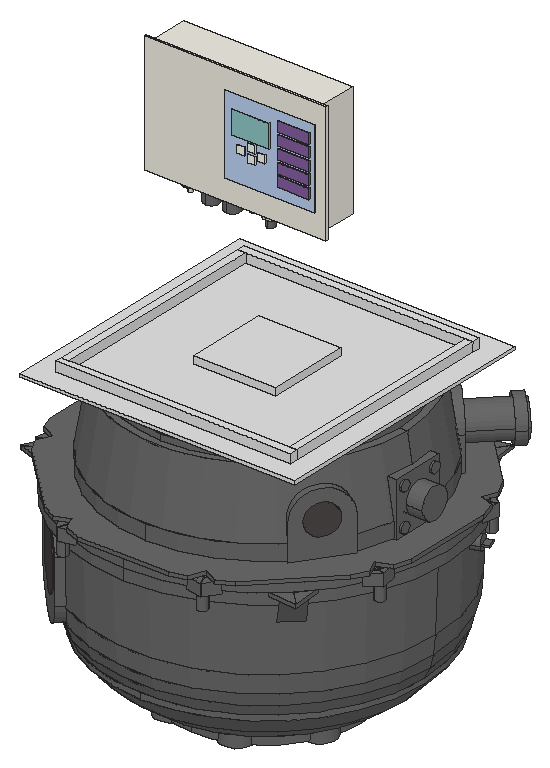
Revit family "280530xc (200)", category Generic Models, Revit 2021
Family settings
  Can host rebar = No
  Round Connector Dimension = Use Diameter
  Part Type = Normal
  Work Plane-Based = No
  Always vertical = Yes
  Cut with Voids When Loaded = No
  Shared = Yes
  Room Calculation Point = No
Parameters (values of type "280530XC")
  SUPPLIER = "KESSEL"
  SA700ID50 = "internal"
  SA700ID49 = "Protection Class I"
  SA700ID48 = "no"
  SA700ID47 = "no"
  SA700ID46 = "yes"
  SA700ID37 = 8000 mm
  SA700ID34 = 12
  SA700ID33 = 0.5 W
  SA700ID32 = 19.28 kg
  SA700ID31 = 1
  SA700ID30 = 2
  SA700ID29 = "RWDR"
  SA700ID21 = 800
  SA700ID10 = "No"
  SA700ID08 = 230 V
  PROCUREWEBLINK = "https://p.caden.as/kessel/280530XC"
  PROCURELINK = "p.caden.as/kessel/280530XC"
  PROCUREDATALASTUPDATE = "2024-05-22T12:17:25.481305057+01:00"
  PRC_SPECIFICATIONLINK = "https://ausschreiben.de/catalog/kessel/catalogItem/55954c45-e341-4e92-aec7-7e5278161d59"
  NN = "Lifting station Aqualift S compact"
  NBSYN = "$SA810ID03. ($LODLEVEL.)"
  NB = "280530XC (200)"
  Model = "280530XC"
  Manufacturer = "KESSEL"
  MIdent = "{$CADENAS_DATA/23d-libs/kessel/kessel_vdi_import/4/entwaesserung/hebeanlage20aqualift20s20compact.prj},217 {STYP=ASS},{VTYP=3D},{NB=280530XC (200)},{LINA=280530XC},{NN=Lifting station Aqualift S compact},{DATE=21.11.2022 10:40:35},{GEOMDATE=21.11.2022 10:40:35},{VERSION=},{LINEID=90},{WBVAR=LODLEVEL},{WBNUMERIC=LODLEVEL}  {NB=280530XC (200)},{LINA=280530XC},{KT=DUMMY},{PREVIEW=../../bilder/ksb_w_280530xc.png},{SA700ID04=Hebeanlage Aqualift S Compact, Duo, GTF 500, resistant, Bodenpl., befl.},{SA810ID06=04026092082713},{SA700ID34=12.00},{SA010ID03=201805},{SA810ID03=280530XC},{SA810ID10=Die steckerfertige Hebeanlage für fäkalienfreies Abwasser ist mit einer überflutbaren Pumpe sowie einem Rückflussverhinderer ausgestattet. Der Sammelbehälter aus dauerhaft beständigem Kunststoff (PE) besitzt einen offenen Pumpenraum. Einhandverschlüsse ermöglichen die einfache Entnahme der integrierten Komponenten. Die Anlage zum Einbau in die Bodenplatte ist vormontiert zur bauseitigen Endmontage.Die Steuerung erfolgt durch ein anwenderfreundliches Schaltgerät, das optional über einen potentialfreien Kontakt in die Gebäudeleittechnik eingebunden werden oder Alarm- und Sammelstörmeldungen über eine GSM-Schnittstelle ausgeben kann.- mit teleskopischem Aufsatzstück für stufenlosen Höhen- und Niveauausgleich und integriertem Bodenablauf- Sammelbehälter aus PE, beständig gegen aggressive Abwässer und 3 m Grundwasser- inklusive Rückflussverhinderer für die Druckleitung- inklusive Stutzen für Zulauf und Kabelleerrohr- Pumpe mit Freistromrad für höchste BetriebssicherheitAusführung:Anlagenart: DoppelanlagePumpensteuerung: SchaltgerätRückflussverhinderer: integriertResistant: beständig gegen salzhaltige Medien, Abwasser aus Enthärtungsanlagen sowie kondensathaltiges Abwasser aus HeizungsanlagenAuslieferungszustand: installationsfertig (Verbindungsteile sind bauseits anzuschließen)Einbausituation: Einbau in die BodenplatteAbwasserart: fäkalienfreiAllgemeine Merkmale:Farbe: schwarzNorm: EN 12050-2Abmessungen:Länge: 617 mmBreite: 585 mmBehälter/Grundkörper:Zulauf Nennweite (DN): 100 mmDruckabgang (DN): 32 mmDruckabgang (DA): 40 mmEinbautiefe: 490 - 620 mmNutzvolumen: 20 lArt der Höhenverstellbarkeit: teleskopisches AufsatzstückAbdeckungsmerkmale:Abdeckungsart: befliesbare AbdeckplatteAbdeckung Material: KunststoffAbdeckung Farbe: silbergrauAblauffunktion: jaBodenbelaghöhe max.: 16 mmBelastungsklasse: K 3 (EN 1253-1)Länge: 366 mmBreite: 366 mmVerriegelung: Lock & LiftFreier Kugeldurchgang: 10 mmFördereinrichtung:Pumpe: GTF 500Anzahl Pumpen: 2Förderleistung max.: 10 m3/hFörderhöhe max.: 8 mBetriebsspannung: 230 VNetzfrequenz: 50 HzBetriebsart: S1Leistung P1: 0,6 kWLeistung P2: 0,36 kWDrehzahl: 2.800 U/minErforderliche Absicherung (Leitungsschutz): C 16 AFörderguttemperatur (dauerhaft) max.: 40 °CAnschlusstyp: codierter SteckerLaufrad Typ: FreistromradLänge Netzanschlussleitung Pumpe: 5 mNennstrom: 2,7 ASchutzart Pumpe: IP 68 (3m)Typ Anschlussleitung Pumpe: H07RN-F 3G 1,0 mm2Temperaturüberwachung: integriertSteuerung:Schaltgerät: ComfortBetriebsspannung: 230 VNetzfrequenz: 50 HzSelbstdiagnosesystem (SDS): jaBatteriepufferung: jaMehrzeilige Displayanzeige: jaLogbuchfunktion: jaUSB-Schnittstelle: jaGSM-Schnittstelle: jaPotentialfreier Kontakt: optionalSchutzart Schaltgerät: IP 54Anschlusstyp: codierter SteckerLänge Netzanschlussleitung Schaltgerät: 1,4 mArt Niveauerfassung: pneumatischInstrument Niveauerfassung: TauchrohrAlarmgeber: optische Sonde},{SA700ID37=8.00},{SA700ID33=0.50},{SA700ID08=230},{SA700ID30=2},{SA700ID32=19.28},{SA700ID49=Schutzklasse I},{SA700ID50=intern},{SA200ID03=6},{SA250ID03=vertikal},{SA260ID03=Trockenläuferpumpe},{SA350ID03=normalansaugend},{SA400ID03=E-Motor für Wechselstrom},{SA460ID03=direkt},{SA500ID03=Kunststoff, Edelstahl},{SA700ID06=32},{SA700ID07=100},{SA700ID09=1/N/PE 230V },{SA700ID10=Nein},{SA700ID11=50},{SA700ID12=IP 68},{SA700ID13=F},{SA700ID15=35},{SA700ID21=800.00},{SA700ID22=0.36},{SA700ID23=2800},{SA700ID24=2800},{SA700ID26=2.50},{SA700ID27=6.90},{SA700ID28=durchgehend},{SA700ID29=RWDR},{SA700ID31=1},{SA700ID46=ja},{SA700ID47=nein},{SA700ID48=nein},{SA110ID04=Hebeanlage Aqualift S Compact},{SA300ID03=einstufig},{SA700ID44=10.00},{SA700ID45=10.00},{SA010ID04=KESSEL AG},{LODLEVEL=200},{LINK=https://www.kessel.de/info?han=280530XC},{SA970ID01=970},{SA970ID02=14034},{SA970ID03=280530XC},{SA970ID04=11002617},{SA970ID05=QUAD},{SA970ID06=-326},{SA970ID07=-291.04},{SA970ID08=0},{SA970ID09=1},{SA970ID10=0},{SA970ID11=0},{SA970ID12=0},{SA970ID13=1},{SA970ID14=0},{SA970ID15=617.04},{SA970ID16=582.09},{SA970ID17=488.5},{LODLEVEL_=200,'Low'},{LODLEVEL_DEU=200,'Low'},{LINK_=https://www.kessel.de/info?han=280530XC},{LINK_DEU=https://www.kessel.de/info?han=280530XC},{LODLEVEL_3DB=280530XC_200},{DNIN1=100},{DNIN2=125},{DNIN3=100},{DNIN4=100},{DNOUT1=70},{DNOUT2=32},{ISD1=60},{ISD2=10},{ISD3=10},{SA010ID01=010},{SA010ID02=4},{SA010ID06=www.kessel.de},{SA010ID07=www.kessel.de},{SA010ID12=20180713},{SA010ID13=DEU},{SA010ID14=DE},{SA100ID01=100},{SA100ID02=4},{SA100ID04=Entwässerung},{SA110ID01=110},{SA110ID02=30},{SA200ID01=200},{SA200ID02=6},{SA250ID01=250},{SA250ID02=2},{SA260ID01=260},{SA260ID02=2},{SA300ID01=300},{SA300ID02=1},{SA350ID01=350},{SA350ID02=1},{SA400ID01=400},{SA400ID02=1},{SA460ID01=460},{SA460ID02=1},{SA500ID01=500},{SA500ID02=1},{SA700ID01=700},{SA700ID02=193},{SA700ID10_=0},{SA700ID16=0},{SA700ID25=0},{SA700ID46_=1},{SA700ID47_=0},{SA700ID48_=0},{SA700ID49_=1},{SA700ID50_=2},{SA800ID01=800},{SA800ID02=8},{SA810ID01=810},{SA810ID02=193},{SA810ID04=280530XC},{SA810ID07=193},{SA810ID09=1},{SA810ID14=PCE},{SA810ID15=1},{SA810ID16=NMP},{SA960ID03=193},{SA960ID04=3L},{SA960ID08=https://www.kessel.de/info?han=280530XC},{SA010ID08=4026092000007},{SA100ID05=Hebeanlage},{SA110ID06=Hebeanlage}"
  LINK = "https://www.kessel.de/info?han=280530XC"
  LINA = "280530XC"
  Default Elevation = 0 mm
  CREATOR = "CADENAS GmbH"
  CATALOG = "KESSEL"
  BOMINFO = "LINA"
  ARTICLENO = "NB"
  4.810.00.9 Order quantity (multiplicator) = "1"
  4.810.00.7 Media- connection number = "193"
  4.810.00.6 GTIN number = "04026092082713"
  4.810.00.4 DATANORM number = "280530XC"
  4.810.00.3 Producer order number = "280530XC"
  4.710.03.7 Mass (net) = 19.28 kg
  4.710.03.6 Height = 490 mm
  4.710.03.5 Width = 580 mm
  4.710.03.4 Length = 620 mm
  4.710.03.3 Type of dimensions = "2"
  4.710.02.8 Area of application of wastewater pump = "2"
  4.710.02.6 Duty type = "S1"
  4.710.02.5 Cutting device = "0"
  4.710.02.4 Attached pump control = "1"
  4.710.02.3 Free passage = 10 mm
  4.710.01.6 Option to connect to building automation = "10"
  4.710.01.5 Load regulation = "0"
  4.710.01.4 Designation of closed-loop control = "20"
  4.700.00.9 Voltage = 0
  4.700.00.8 Nominal connection size on suction side = "100"
  4.700.00.7 Nominal connection size on pressure side = "100"
  4.700.00.6 Type of connection = "32"
  4.700.00.4 Product indentification = "Hebeanlage Aqualift S Compact, Duo, GTF 500, resistant, Bodenpl., befl."
  4.700.00.28 Motor pump shaft = "durchgehend"
  4.700.00.27 Starting current = 6.9
  4.700.00.26 Maximum power consumption per pump / drive = 2.5
  4.700.00.25 Minimum speed at internal speed adjustment = 0
  4.700.00.24 Nominal speed / maximum speed n = 46.6667
  4.700.00.23 Nominal speed of motor = 46.6667
  4.700.00.22 Maximum shaft output (P2) per pump/drive = 0.36 W
  4.700.00.16 Maximum temperature of pumped medium = 0 °C
  4.700.00.15 Increased safety class = "35 °C"
  4.700.00.13 Type of protection = "F"
  4.700.00.12 Frequency = 0
  4.700.00.11 Stern-/Dreieck-Anlaufschaltung bei Dreiphasenanschluss oder Drehstrom = "50 Hz"
  4.700.00.10 Phase = "0"
  4.500.00.3 Variant / Variant type / Accessories-name = "Kunststoff, Edelstahl"
  4.460.00.3 Variant / Variant type / Accessories-name = "direkt"
  4.400.00.3 Variant / Variant type / Accessories-name = "E-Motor für Wechselstrom"
  4.350.00.3 Variant / Variant type / Accessories-name = "normalansaugend"
  4.300.00.3 Variant / Variant type / Accessories-name = "einstufig"
  4.260.00.3 Variant / Variant type / Accessories-name = "Trockenläuferpumpe"
  4.250.00.3 Variant / Variant type / Accessories-name = "vertikal"
  4.200.00.3 Variant / Variant type / Accessories-name = "6"
  4.110.00.6 Product classification = "Hebeanlage"
  4.110.00.4 Product indentification = "Hebeanlage Aqualift S Compact"
  4.100.00.5 Main groups of wares = "Hebeanlage"
  4.100.00.4 Product indentification = "Entwässerung"
  4.010.00.8 Producer ID number = "4026092000007"
  4.010.00.7 Comment = "www.kessel.de"
  4.010.00.6 Web address of the manufacturer = "www.kessel.de"
  4.010.00.4 Manufacturer name = "KESSEL AG"
  4.010.00.3 Date of issuance (month) of guideline = "201805"
  4.010.00.2 Sheet number of the guideline = "4"
  4.010.00.14 Kennungen der Projektländer, für die die Datei gültig ist = "DE"
  4.010.00.13 Sprache der Datei = "DEU"
  4.010.00.12 Stand des Herstellerkatalogs = "20180713"
Reference planes
  plane 1 "Center (Front/Back)": y = 0
  plane 2: z = 0
  plane 3 "Center (Left/Right)": x = 0
Forms (mm)
  Extrusion 1, void
    sketch origin (-197.283, 197.283, 209) x (-0.707107, -0.707107, 0) y (0, 0, -1)
      loop
        line (-0.5, -0.5) -> (0.5, -0.5) -> (0.5, 0.5) -> (-0.5, 0.5) -> (-0.5, -0.5)
    from 0 to 1
  Extrusion 2, void
    sketch origin (-197.283, -197.283, 209) x (0.707107, -0.707107, 0) y (0, 0, -1)
      loop
        line (-0.5, -0.5) -> (0.5, -0.5) -> (0.5, 0.5) -> (-0.5, 0.5) -> (-0.5, -0.5)
    from 0 to 1
  Extrusion 3, void
    sketch origin (-247, 0, 370) x (0, -1, 0) y (0, 0, -1)
      loop
        line (-0.5, -0.5) -> (0.5, -0.5) -> (0.5, 0.5) -> (-0.5, 0.5) -> (-0.5, -0.5)
    from 0 to 1
Dimensions and locks
  locked: plane 2 to Extrusion 1 at 208.5
  locked: plane 2 to Extrusion 1 at 209.5
  locked: plane 2 to Extrusion 2 at 208.5
  locked: plane 2 to Extrusion 2 at 209.5
  locked: plane 2 to Extrusion 3 at 369.5
  locked: plane 2 to Extrusion 3 at 370.5
  aligned and locked: level to plane 2
Nested families
  nested 1: "280530xc (200)_content" at (0, 0, 0), type "280530XC (200)_Content"
  nested 2: "280530xc (200)_part1_X0Y0" at (-194, 244.5, 558), type "280530XC_PART1_X0Y0"
  nested 3: "280530xc (200)_part2_X0Y0" at (0, 0, 0), type "280530XC_PART2_X0Y0"
Connectors
  piping at (-112, 217, 557.2), diameter 10
    settings: on nested 2, index 1, connector inside diameter 609.6 mm, connector length 0 mm, flow factor 0, pipe flow 0.0 L/s, pressure drop 0.0 Pa, fitting loss kfactor 0, connector angle 0.00°, fixture units 0, engagement length 0 mm, angle of deflection 0.00°, flow configuration 0, flow direction 2, fitting loss method 2, system type 29, joint type 0, gender type 0, connector reference index -1, connector utility 0, adjustable connector no, is connector primary yes, connector description ""
  electrical at (-298, 217, 518.5)
    settings: on nested 2, index 2, voltage 0 V, apparent load 0 VA, apparent load phase1 0 VA, apparent load phase2 0 VA, apparent load phase3 0 VA, power factor 1, load classification "Other", number of poles 1, system type 31, power factor state 1, is connector primary yes, connector utility no, sub classification motor no, connector description ""
  electrical at (-264, 217, 515.9)
    settings: on nested 2, index 3, voltage 0 V, apparent load 0 VA, apparent load phase1 0 VA, apparent load phase2 0 VA, apparent load phase3 0 VA, power factor 1, load classification "Other", number of poles 1, system type 31, power factor state 1, is connector primary no, connector utility no, sub classification motor no, connector description ""
  electrical at (-230, 217, 515.9)
    settings: on nested 2, index 4, voltage 0 V, apparent load 0 VA, apparent load phase1 0 VA, apparent load phase2 0 VA, apparent load phase3 0 VA, power factor 1, load classification "Other", number of poles 1, system type 31, power factor state 1, is connector primary no, connector utility no, sub classification motor no, connector description ""
  electrical at (-192, 217, 528.2)
    settings: on nested 2, index 5, voltage 0 V, apparent load 0 VA, apparent load phase1 0 VA, apparent load phase2 0 VA, apparent load phase3 0 VA, power factor 1, load classification "Other", number of poles 1, system type 31, power factor state 1, is connector primary no, connector utility no, sub classification motor no, connector description ""
  electrical at (-168, 217, 513.45)
    settings: on nested 2, index 6, voltage 0 V, apparent load 0 VA, apparent load phase1 0 VA, apparent load phase2 0 VA, apparent load phase3 0 VA, power factor 1, load classification "Other", number of poles 1, system type 31, power factor state 1, is connector primary no, connector utility no, sub classification motor no, connector description ""
  electrical at (-140, 217, 557.2)
    settings: on nested 2, index 7, voltage 0 V, apparent load 0 VA, apparent load phase1 0 VA, apparent load phase2 0 VA, apparent load phase3 0 VA, power factor 1, load classification "Other", number of poles 1, system type 31, power factor state 1, is connector primary no, connector utility no, sub classification motor no, connector description ""
  piping at (-326, 0, 209), diameter 125
    settings: on nested 3, index 8, connector inside diameter 609.6 mm, connector length 0 mm, flow factor 0, pipe flow 0.0 L/s, pressure drop 0.0 Pa, fitting loss kfactor 0, connector angle 0.00°, fixture units 0, engagement length 0 mm, angle of deflection 0.00°, flow configuration 0, flow direction 1, fitting loss method 2, system type 29, joint type 0, gender type 0, connector reference index -1, connector utility 0, adjustable connector no, is connector primary no, connector description ""
  piping at (-197.283, 197.283, 209), diameter 100
    settings: on Extrusion 1, index 9, connector inside diameter 609.6 mm, connector length 0 mm, flow factor 0, pipe flow 0.0 L/s, pressure drop 0.0 Pa, fitting loss kfactor 0, connector angle 0.00°, fixture units 0, engagement length 0 mm, angle of deflection 0.00°, flow configuration 0, flow direction 0, fitting loss method 2, system type 29, joint type 0, gender type 0, connector reference index -1, connector utility 0, adjustable connector no, is connector primary no, connector description ""
  piping at (-197.283, -197.283, 209), diameter 100
    settings: on Extrusion 2, index 10, connector inside diameter 609.6 mm, connector length 0 mm, flow factor 0, pipe flow 0.0 L/s, pressure drop 0.0 Pa, fitting loss kfactor 0, connector angle 0.00°, fixture units 0, engagement length 0 mm, angle of deflection 0.00°, flow configuration 0, flow direction 0, fitting loss method 2, system type 29, joint type 0, gender type 0, connector reference index -1, connector utility 0, adjustable connector no, is connector primary no, connector description ""
  piping at (-247, 0, 370), diameter 70
    settings: on Extrusion 3, index 11, connector inside diameter 609.6 mm, connector length 0 mm, flow factor 0, pipe flow 0.0 L/s, pressure drop 0.0 Pa, fitting loss kfactor 0, connector angle 0.00°, fixture units 0, engagement length 0 mm, angle of deflection 0.00°, flow configuration 0, flow direction 0, fitting loss method 2, system type 29, joint type 0, gender type 0, connector reference index -1, connector utility 0, adjustable connector no, is connector primary no, connector description ""
  piping at (272.5, -3, 363.25), diameter 32
    settings: on nested 3, index 12, connector inside diameter 609.6 mm, connector length 0 mm, flow factor 0, pipe flow 0.0 L/s, pressure drop 0.0 Pa, fitting loss kfactor 0, connector angle 0.00°, fixture units 0, engagement length 0 mm, angle of deflection 0.00°, flow configuration 0, flow direction 2, fitting loss method 2, system type 29, joint type 0, gender type 0, connector reference index -1, connector utility 0, adjustable connector no, is connector primary no, connector description ""
  electrical at (241.378, 227.236, 376)
    settings: on nested 3, index 13, voltage 0 V, apparent load 0 VA, apparent load phase1 0 VA, apparent load phase2 0 VA, apparent load phase3 0 VA, power factor 1, load classification "Other", number of poles 1, system type 31, power factor state 1, is connector primary no, connector utility no, sub classification motor no, connector description ""
  electrical at (241.378, 227.236, 364)
    settings: on nested 3, index 14, voltage 0 V, apparent load 0 VA, apparent load phase1 0 VA, apparent load phase2 0 VA, apparent load phase3 0 VA, power factor 1, load classification "Other", number of poles 1, system type 31, power factor state 1, is connector primary no, connector utility no, sub classification motor no, connector description ""
  electrical at (227.236, 241.378, 376)
    settings: on nested 3, index 15, voltage 0 V, apparent load 0 VA, apparent load phase1 0 VA, apparent load phase2 0 VA, apparent load phase3 0 VA, power factor 1, load classification "Other", number of poles 1, system type 31, power factor state 1, is connector primary no, connector utility no, sub classification motor no, connector description ""
  electrical at (227.236, 241.378, 364)
    settings: on nested 3, index 16, voltage 0 V, apparent load 0 VA, apparent load phase1 0 VA, apparent load phase2 0 VA, apparent load phase3 0 VA, power factor 1, load classification "Other", number of poles 1, system type 31, power factor state 1, is connector primary no, connector utility no, sub classification motor no, connector description ""
Definition of nested family "280530xc (200)_part1_X0Y0"
  Parameters (values of type "280530XC_PART1_X0Y0")
    SUPPLIER = "KESSEL"
    SA700ID50 = "internal"
    SA700ID49 = "Protection Class I"
    SA700ID48 = "no"
    SA700ID47 = "no"
    SA700ID46 = "yes"
    SA700ID37 = 8000 mm
    SA700ID34 = 12
    SA700ID33 = 0.5 W
    SA700ID32 = 19.28 kg
    SA700ID31 = 1
    SA700ID30 = 2
    SA700ID29 = "RWDR"
    SA700ID21 = 800
    SA700ID10 = "No"
    SA700ID08 = 230 V
    NBSYN = "$SA810ID03. ($LODLEVEL.)_PART1"
    NB = "280530XC (200)_PART1"
    Model = "280530XC_PART1"
    Manufacturer = "KESSEL"
    MIdent = "{$CADENAS_DATA/23d-libs/kessel/kessel_vdi_import/4/entwaesserung/hebeanlage20aqualift20s20compact.prj},237 {VTYP=3D},{NB=280530XC (200)_PART1},{LINA=280530XC_PART1},{NN=Lifting station Aqualift S compact_PART1},{NOPRJ=TRUE},{DATE=21.11.2022 10:40:35},{GEOMDATE=21.11.2022 10:40:35},{VERSION=},{LINEID=90},{WBVAR=LODLEVEL},{WBNUMERIC=LODLEVEL}  {NB=280530XC (200)_PART1},{LINA=280530XC_PART1},{KT=DUMMY},{PREVIEW=../../bilder/ksb_w_280530xc.png},{SA700ID04=Hebeanlage Aqualift S Compact, Duo, GTF 500, resistant, Bodenpl., befl.},{SA810ID06=04026092082713},{SA700ID34=12.00},{SA010ID03=201805},{SA810ID03=280530XC},{SA810ID10=Die steckerfertige Hebeanlage für fäkalienfreies Abwasser ist mit einer überflutbaren Pumpe sowie einem Rückflussverhinderer ausgestattet. Der Sammelbehälter aus dauerhaft beständigem Kunststoff (PE) besitzt einen offenen Pumpenraum. Einhandverschlüsse ermöglichen die einfache Entnahme der integrierten Komponenten. Die Anlage zum Einbau in die Bodenplatte ist vormontiert zur bauseitigen Endmontage.Die Steuerung erfolgt durch ein anwenderfreundliches Schaltgerät, das optional über einen potentialfreien Kontakt in die Gebäudeleittechnik eingebunden werden oder Alarm- und Sammelstörmeldungen über eine GSM-Schnittstelle ausgeben kann.- mit teleskopischem Aufsatzstück für stufenlosen Höhen- und Niveauausgleich und integriertem Bodenablauf- Sammelbehälter aus PE, beständig gegen aggressive Abwässer und 3 m Grundwasser- inklusive Rückflussverhinderer für die Druckleitung- inklusive Stutzen für Zulauf und Kabelleerrohr- Pumpe mit Freistromrad für höchste BetriebssicherheitAusführung:Anlagenart: DoppelanlagePumpensteuerung: SchaltgerätRückflussverhinderer: integriertResistant: beständig gegen salzhaltige Medien, Abwasser aus Enthärtungsanlagen sowie kondensathaltiges Abwasser aus HeizungsanlagenAuslieferungszustand: installationsfertig (Verbindungsteile sind bauseits anzuschließen)Einbausituation: Einbau in die BodenplatteAbwasserart: fäkalienfreiAllgemeine Merkmale:Farbe: schwarzNorm: EN 12050-2Abmessungen:Länge: 617 mmBreite: 585 mmBehälter/Grundkörper:Zulauf Nennweite (DN): 100 mmDruckabgang (DN): 32 mmDruckabgang (DA): 40 mmEinbautiefe: 490 - 620 mmNutzvolumen: 20 lArt der Höhenverstellbarkeit: teleskopisches AufsatzstückAbdeckungsmerkmale:Abdeckungsart: befliesbare AbdeckplatteAbdeckung Material: KunststoffAbdeckung Farbe: silbergrauAblauffunktion: jaBodenbelaghöhe max.: 16 mmBelastungsklasse: K 3 (EN 1253-1)Länge: 366 mmBreite: 366 mmVerriegelung: Lock & LiftFreier Kugeldurchgang: 10 mmFördereinrichtung:Pumpe: GTF 500Anzahl Pumpen: 2Förderleistung max.: 10 m3/hFörderhöhe max.: 8 mBetriebsspannung: 230 VNetzfrequenz: 50 HzBetriebsart: S1Leistung P1: 0,6 kWLeistung P2: 0,36 kWDrehzahl: 2.800 U/minErforderliche Absicherung (Leitungsschutz): C 16 AFörderguttemperatur (dauerhaft) max.: 40 °CAnschlusstyp: codierter SteckerLaufrad Typ: FreistromradLänge Netzanschlussleitung Pumpe: 5 mNennstrom: 2,7 ASchutzart Pumpe: IP 68 (3m)Typ Anschlussleitung Pumpe: H07RN-F 3G 1,0 mm2Temperaturüberwachung: integriertSteuerung:Schaltgerät: ComfortBetriebsspannung: 230 VNetzfrequenz: 50 HzSelbstdiagnosesystem (SDS): jaBatteriepufferung: jaMehrzeilige Displayanzeige: jaLogbuchfunktion: jaUSB-Schnittstelle: jaGSM-Schnittstelle: jaPotentialfreier Kontakt: optionalSchutzart Schaltgerät: IP 54Anschlusstyp: codierter SteckerLänge Netzanschlussleitung Schaltgerät: 1,4 mArt Niveauerfassung: pneumatischInstrument Niveauerfassung: TauchrohrAlarmgeber: optische Sonde},{SA700ID37=8.00},{SA700ID33=0.50},{SA700ID08=230},{SA700ID30=2},{SA700ID32=19.28},{SA700ID49=Schutzklasse I},{SA700ID50=intern},{SA200ID03=6},{SA250ID03=vertikal},{SA260ID03=Trockenläuferpumpe},{SA350ID03=normalansaugend},{SA400ID03=E-Motor für Wechselstrom},{SA460ID03=direkt},{SA500ID03=Kunststoff, Edelstahl},{SA700ID06=32},{SA700ID07=100},{SA700ID09=1/N/PE 230V },{SA700ID10=Nein},{SA700ID11=50},{SA700ID12=IP 68},{SA700ID13=F},{SA700ID15=35},{SA700ID21=800.00},{SA700ID22=0.36},{SA700ID23=2800},{SA700ID24=2800},{SA700ID26=2.50},{SA700ID27=6.90},{SA700ID28=durchgehend},{SA700ID29=RWDR},{SA700ID31=1},{SA700ID46=ja},{SA700ID47=nein},{SA700ID48=nein},{SA110ID04=Hebeanlage Aqualift S Compact},{SA300ID03=einstufig},{SA700ID44=10.00},{SA700ID45=10.00},{SA010ID04=KESSEL AG},{LODLEVEL=200},{LINK=https://www.kessel.de/info?han=280530XC},{SA970ID01=970},{SA970ID02=14034},{SA970ID03=280530XC},{SA970ID04=11002617},{SA970ID05=QUAD},{SA970ID06=-326},{SA970ID07=-291.04},{SA970ID08=0},{SA970ID09=1},{SA970ID10=0},{SA970ID11=0},{SA970ID12=0},{SA970ID13=1},{SA970ID14=0},{SA970ID15=617.04},{SA970ID16=582.09},{SA970ID17=488.5},{LODLEVEL_=200,'Low'},{LODLEVEL_DEU=200,'Low'},{LINK_=https://www.kessel.de/info?han=280530XC},{LINK_DEU=https://www.kessel.de/info?han=280530XC},{LODLEVEL_3DB=280530XC_200},{DNIN1=100},{DNIN2=125},{DNIN3=100},{DNIN4=100},{DNOUT1=70},{DNOUT2=32},{ISD1=60},{ISD2=10},{ISD3=10},{SA010ID01=010},{SA010ID02=4},{SA010ID06=www.kessel.de},{SA010ID07=www.kessel.de},{SA010ID12=20180713},{SA010ID13=DEU},{SA010ID14=DE},{SA100ID01=100},{SA100ID02=4},{SA100ID04=Entwässerung},{SA110ID01=110},{SA110ID02=30},{SA200ID01=200},{SA200ID02=6},{SA250ID01=250},{SA250ID02=2},{SA260ID01=260},{SA260ID02=2},{SA300ID01=300},{SA300ID02=1},{SA350ID01=350},{SA350ID02=1},{SA400ID01=400},{SA400ID02=1},{SA460ID01=460},{SA460ID02=1},{SA500ID01=500},{SA500ID02=1},{SA700ID01=700},{SA700ID02=193},{SA700ID10_=0},{SA700ID16=0},{SA700ID25=0},{SA700ID46_=1},{SA700ID47_=0},{SA700ID48_=0},{SA700ID49_=1},{SA700ID50_=2},{SA800ID01=800},{SA800ID02=8},{SA810ID01=810},{SA810ID02=193},{SA810ID04=280530XC},{SA810ID07=193},{SA810ID09=1},{SA810ID14=PCE},{SA810ID15=1},{SA810ID16=NMP},{SA960ID03=193},{SA960ID04=3L},{SA960ID08=https://www.kessel.de/info?han=280530XC},{SA010ID08=4026092000007},{SA100ID05=Hebeanlage},{SA110ID06=Hebeanlage}"
    LINK = "https://www.kessel.de/info?han=280530XC"
    LINA = "280530XC_PART1"
    Default Elevation = 1219.2 mm
    CREATOR = "CADENAS GmbH"
    CATALOG = "KESSEL"
    BOMINFO = "LINA"
    ARTICLENO = "NB"
    4.810.00.9 Order quantity (multiplicator) = "1"
    4.810.00.7 Media- connection number = "193"
    4.810.00.6 GTIN number = "04026092082713"
    4.810.00.4 DATANORM number = "280530XC"
    4.810.00.3 Producer order number = "280530XC"
    4.710.03.7 Mass (net) = 19.28 kg
    4.710.03.6 Height = 490 mm
    4.710.03.5 Width = 580 mm
    4.710.03.4 Length = 620 mm
    4.710.03.3 Type of dimensions = "2"
    4.710.02.8 Area of application of wastewater pump = "2"
    4.710.02.6 Duty type = "S1"
    4.710.02.5 Cutting device = "0"
    4.710.02.4 Attached pump control = "1"
    4.710.02.3 Free passage = 10 mm
    4.710.01.6 Option to connect to building automation = "10"
    4.710.01.5 Load regulation = "0"
    4.710.01.4 Designation of closed-loop control = "20"
    4.700.00.9 Voltage = 0
    4.700.00.8 Nominal connection size on suction side = "100"
    4.700.00.7 Nominal connection size on pressure side = "100"
    4.700.00.6 Type of connection = "32"
    4.700.00.4 Product indentification = "Hebeanlage Aqualift S Compact, Duo, GTF 500, resistant, Bodenpl., befl."
    4.700.00.28 Motor pump shaft = "durchgehend"
    4.700.00.27 Starting current = 6.9
    4.700.00.26 Maximum power consumption per pump / drive = 2.5
    4.700.00.25 Minimum speed at internal speed adjustment = 0
    4.700.00.24 Nominal speed / maximum speed n = 46.6667
    4.700.00.23 Nominal speed of motor = 46.6667
    4.700.00.22 Maximum shaft output (P2) per pump/drive = 0.36 W
    4.700.00.16 Maximum temperature of pumped medium = 0 °C
    4.700.00.15 Increased safety class = "35 °C"
    4.700.00.13 Type of protection = "F"
    4.700.00.12 Frequency = 0
    4.700.00.11 Stern-/Dreieck-Anlaufschaltung bei Dreiphasenanschluss oder Drehstrom = "50 Hz"
    4.700.00.10 Phase = "0"
    4.500.00.3 Variant / Variant type / Accessories-name = "Kunststoff, Edelstahl"
    4.460.00.3 Variant / Variant type / Accessories-name = "direkt"
    4.400.00.3 Variant / Variant type / Accessories-name = "E-Motor für Wechselstrom"
    4.350.00.3 Variant / Variant type / Accessories-name = "normalansaugend"
    4.300.00.3 Variant / Variant type / Accessories-name = "einstufig"
    4.260.00.3 Variant / Variant type / Accessories-name = "Trockenläuferpumpe"
    4.250.00.3 Variant / Variant type / Accessories-name = "vertikal"
    4.200.00.3 Variant / Variant type / Accessories-name = "6"
    4.110.00.6 Product classification = "Hebeanlage"
    4.110.00.4 Product indentification = "Hebeanlage Aqualift S Compact"
    4.100.00.5 Main groups of wares = "Hebeanlage"
    4.100.00.4 Product indentification = "Entwässerung"
    4.010.00.8 Producer ID number = "4026092000007"
    4.010.00.7 Comment = "www.kessel.de"
    4.010.00.6 Web address of the manufacturer = "www.kessel.de"
    4.010.00.4 Manufacturer name = "KESSEL AG"
    4.010.00.3 Date of issuance (month) of guideline = "201805"
    4.010.00.2 Sheet number of the guideline = "4"
    4.010.00.14 Kennungen der Projektländer, für die die Datei gültig ist = "DE"
    4.010.00.13 Sprache der Datei = "DEU"
    4.010.00.12 Stand des Herstellerkatalogs = "20180713"
  Reference planes
    plane 1 "Center (Front/Back)": y = 0
    plane 2: z = 0
    plane 3 "Center (Left/Right)": x = 0
  Dimensions and locks
    aligned and locked: level to plane 2
  Nested families
    nested 1: "280530xc (200)_part1_content" at (0, 0, 0), type "280530XC (200)_PART1_Content"
  Definition of nested family "280530xc (200)_part1_content"
    Parameters (values of type "280530XC (200)_PART1_Content")
      SUPPLIER = "KESSEL"
      SA700ID50 = "internal"
      SA700ID49 = "Protection Class I"
      SA700ID48 = "no"
      SA700ID47 = "no"
      SA700ID46 = "yes"
      SA700ID37 = 8000 mm
      SA700ID34 = 12
      SA700ID33 = 0.5 W
      SA700ID32 = 19.28 kg
      SA700ID31 = 1
      SA700ID30 = 2
      SA700ID29 = "RWDR"
      SA700ID21 = 800
      SA700ID10 = "No"
      SA700ID08 = 230 V
      NBSYN = "$SA810ID03. ($LODLEVEL.)_PART1"
      NB = "280530XC (200)_PART1"
      Model = "280530XC_PART1"
      Manufacturer = "KESSEL"
      LINK = "https://www.kessel.de/info?han=280530XC"
      LINA = "280530XC_PART1"
      Default Elevation = 1219.2 mm
      CREATOR = "CADENAS GmbH"
      CATALOG = "KESSEL"
      BOMINFO = "LINA"
      ARTICLENO = "NB"
      4.810.00.9 Order quantity (multiplicator) = "1"
      4.810.00.7 Media- connection number = "193"
      4.810.00.6 GTIN number = "04026092082713"
      4.810.00.4 DATANORM number = "280530XC"
      4.810.00.3 Producer order number = "280530XC"
      4.710.03.7 Mass (net) = 19.28 kg
      4.710.03.6 Height = 490 mm
      4.710.03.5 Width = 580 mm
      4.710.03.4 Length = 620 mm
      4.710.03.3 Type of dimensions = "2"
      4.710.02.8 Area of application of wastewater pump = "2"
      4.710.02.6 Duty type = "S1"
      4.710.02.5 Cutting device = "0"
      4.710.02.4 Attached pump control = "1"
      4.710.02.3 Free passage = 10 mm
      4.710.01.6 Option to connect to building automation = "10"
      4.710.01.5 Load regulation = "0"
      4.710.01.4 Designation of closed-loop control = "20"
      4.700.00.9 Voltage = 0
      4.700.00.8 Nominal connection size on suction side = "100"
      4.700.00.7 Nominal connection size on pressure side = "100"
      4.700.00.6 Type of connection = "32"
      4.700.00.4 Product indentification = "Hebeanlage Aqualift S Compact, Duo, GTF 500, resistant, Bodenpl., befl."
      4.700.00.28 Motor pump shaft = "durchgehend"
      4.700.00.27 Starting current = 6.9
      4.700.00.26 Maximum power consumption per pump / drive = 2.5
      4.700.00.25 Minimum speed at internal speed adjustment = 0
      4.700.00.24 Nominal speed / maximum speed n = 46.6667
      4.700.00.23 Nominal speed of motor = 46.6667
      4.700.00.22 Maximum shaft output (P2) per pump/drive = 0.36 W
      4.700.00.16 Maximum temperature of pumped medium = 0 °C
      4.700.00.15 Increased safety class = "35 °C"
      4.700.00.13 Type of protection = "F"
      4.700.00.12 Frequency = 0
      4.700.00.11 Stern-/Dreieck-Anlaufschaltung bei Dreiphasenanschluss oder Drehstrom = "50 Hz"
      4.700.00.10 Phase = "0"
      4.500.00.3 Variant / Variant type / Accessories-name = "Kunststoff, Edelstahl"
      4.460.00.3 Variant / Variant type / Accessories-name = "direkt"
      4.400.00.3 Variant / Variant type / Accessories-name = "E-Motor für Wechselstrom"
      4.350.00.3 Variant / Variant type / Accessories-name = "normalansaugend"
      4.300.00.3 Variant / Variant type / Accessories-name = "einstufig"
      4.260.00.3 Variant / Variant type / Accessories-name = "Trockenläuferpumpe"
      4.250.00.3 Variant / Variant type / Accessories-name = "vertikal"
      4.200.00.3 Variant / Variant type / Accessories-name = "6"
      4.110.00.6 Product classification = "Hebeanlage"
      4.110.00.4 Product indentification = "Hebeanlage Aqualift S Compact"
      4.100.00.5 Main groups of wares = "Hebeanlage"
      4.100.00.4 Product indentification = "Entwässerung"
      4.010.00.8 Producer ID number = "4026092000007"
      4.010.00.7 Comment = "www.kessel.de"
      4.010.00.6 Web address of the manufacturer = "www.kessel.de"
      4.010.00.4 Manufacturer name = "KESSEL AG"
      4.010.00.3 Date of issuance (month) of guideline = "201805"
      4.010.00.2 Sheet number of the guideline = "4"
      4.010.00.14 Kennungen der Projektländer, für die die Datei gültig ist = "DE"
      4.010.00.13 Sprache der Datei = "DEU"
      4.010.00.12 Stand des Herstellerkatalogs = "20180713"
    Reference planes
      plane 1 "Center (Front/Back)": y = 0
      plane 2: z = 0
      plane 3 "Center (Left/Right)": x = 0
    Forms (mm)
      Extrusion 1, solid, detail levels medium+fine
        sketch origin (49.8, -68, 72.2) x (0, -1, 0) y (0, 0, 1)
          loop
            line (-0.5, 12) -> (-0.5, 0) -> (1, 0) -> (1, 12) -> (-0.5, 12)
        from 0 to 12
      Extrusion 2, solid, detail levels medium+fine
        sketch origin (129.3, -67, 28.2) x (0, -1, 0) y (0, 0, 1)
          loop
            line (-0.5, 127) -> (-0.5, 0) -> (1, 0) -> (1, 127) -> (-0.5, 127)
        from 0 to 146
      Extrusion 3, solid, detail levels medium+fine
        sketch origin (33.3, -68, 80.45) x (0, -1, 0) y (0, 0, 1)
          loop
            line (-0.5, 12) -> (-0.5, 0) -> (1, 0) -> (1, 12) -> (-0.5, 12)
        from 0 to 12
      Extrusion 4, solid, detail levels medium+fine
        sketch origin (33.3, -68, 63.95) x (0, -1, 0) y (0, 0, 1)
          loop
            line (-0.5, 12) -> (-0.5, 0) -> (1, 0) -> (1, 12) -> (-0.5, 12)
        from 0 to 12
      Extrusion 5, solid, detail levels medium+fine
        sketch origin (56.3, -68, 95.45) x (0, -1, 0) y (0, 0, 1)
          loop
            line (-0.5, 37) -> (-0.5, 0) -> (1, 0) -> (1, 37) -> (-0.5, 37)
        from 0 to 60
      Extrusion 6, solid, detail levels medium+fine
        sketch origin (121.8, -68, 85.7) x (0, -1, 0) y (0, 0, 1)
          loop
            line (0, 16) -> (0, 0) -> (2, 0) -> (2, 16) -> (0, 16)
        from 0 to 51
      Extrusion 7, solid, detail levels medium+fine
        sketch origin (121.8, -68, 65.7) x (0, -1, 0) y (0, 0, 1)
          loop
            line (0, 16) -> (0, 0) -> (2, 0) -> (2, 16) -> (0, 16)
        from 0 to 51
      Extrusion 8, solid, detail levels medium+fine
        sketch origin (121.8, -68, 105.7) x (0, -1, 0) y (0, 0, 1)
          loop
            line (0, 16) -> (0, 0) -> (2, 0) -> (2, 16) -> (0, 16)
        from 0 to 51
      Extrusion 9, solid, detail levels medium+fine
        sketch origin (16.8, -68, 72.2) x (0, -1, 0) y (0, 0, 1)
          loop
            line (-0.5, 12) -> (-0.5, 0) -> (1, 0) -> (1, 12) -> (-0.5, 12)
        from 0 to 12
      Extrusion 10, solid, detail levels medium+fine
        sketch origin (121.8, -68, 45.7) x (0, -1, 0) y (0, 0, 1)
          loop
            line (0, 16) -> (0, 0) -> (2, 0) -> (2, 16) -> (0, 16)
        from 0 to 51
      Extrusion 11, solid, detail levels medium+fine
        sketch origin (147, -63.5, -7) x (0, -1, 0) y (0, 0, 1)
          loop
            line (0, 194) -> (0, 0) -> (3.5, 0) -> (3.5, 194) -> (0, 194)
        from 0 to 294
      Extrusion 12, solid, detail levels medium+fine
        sketch origin (136.25, 0, 0) x (0, -1, 0) y (0, 0, 1)
          loop
            line (0, 184) -> (0, 0) -> (63.5, 0) -> (63.5, 184) -> (0, 184)
        from 0 to 272.5
      Extrusion 13, solid, detail levels medium+fine
        sketch origin (121.75, -68, 125.75) x (0, -1, 0) y (0, 0, 1)
          loop
            line (0, 16) -> (0, 0) -> (2, 0) -> (2, 16) -> (0, 16)
        from 0 to 51
      Extrusion 14, solid, detail levels medium+fine
        sketch origin (26, -27.5, 0) x (1, 0, 0) y (0, -1, 0)
          loop
            circle (0, 0) r 11
        from 0 to 11
      Extrusion 15, solid, detail levels medium+fine
        sketch origin (26, -27.5, -11) x (1, 0, 0) y (0, -1, 0)
          loop
            circle (0, 0) r 11
        from 0 to 19.8
      Extrusion 16, solid, detail levels medium+fine
        sketch origin (26, -27.5, -29.8) x (1, 0, 0) y (0, -1, 0)
          loop
            circle (0, 0) r 6
        from 0 to 14.75
      Extrusion 17, solid, detail levels medium+fine
        sketch origin (2, -27.5, 0) x (1, 0, 0) y (0, -1, 0)
          loop
            circle (0, 0) r 11
        from 0 to 20
      Extrusion 18, solid, detail levels medium+fine
        sketch origin (2, -27.5, -20) x (1, 0, 0) y (0, -1, 0)
          loop
            circle (0, 0) r 8.65
        from 0 to 9.8
      Extrusion 19, solid, detail levels medium+fine
        sketch origin (-36, -27.5, 0) x (1, 0, 0) y (0, -1, 0)
          loop
            circle (0, 0) r 12
        from 0 to 15
      Extrusion 20, solid, detail levels medium+fine
        sketch origin (-36, -27.5, -15) x (1, 0, 0) y (0, -1, 0)
          loop
            circle (0, 0) r 11.75
        from 0 to 27.1
      Extrusion 21, solid, detail levels medium+fine
        sketch origin (54, -27.5, 2) x (1, 0, 0) y (0, -1, 0)
          loop
            circle (0, 0) r 10
        from 0 to 2.8
      Extrusion 22, solid, detail levels medium+fine
        sketch origin (-70, -27.5, 0) x (1, 0, 0) y (0, -1, 0)
          loop
            circle (0, 0) r 12
        from 0 to 15
      Extrusion 23, solid, detail levels medium+fine
        sketch origin (-70, -27.5, -15) x (1, 0, 0) y (0, -1, 0)
          loop
            circle (0, 0) r 11.75
        from 0 to 27.1
      Extrusion 24, solid, detail levels medium+fine
        sketch origin (82, -27.5, 2) x (1, 0, 0) y (0, -1, 0)
          loop
            circle (0, 0) r 10
        from 0 to 2.8
      Extrusion 25, solid, detail levels medium+fine
        sketch origin (-104, -27.5, 0) x (1, 0, 0) y (0, -1, 0)
          loop
            circle (0, 0) r 10
        from 0 to 9
      Extrusion 26, solid, detail levels medium+fine
        sketch origin (-104, -27.5, -9) x (1, 0, 0) y (0, -1, 0)
          loop
            circle (0, 0) r 11
        from 0 to 20.5
      Extrusion 27, solid, detail levels medium+fine
        sketch origin (-104, -27.5, -29.5) x (1, 0, 0) y (0, -1, 0)
          loop
            circle (0, 0) r 3
        from 0 to 10
      Extrusion 28, solid, detail levels medium+fine
        sketch origin (110, -27.5, 1.2) x (1, 0, 0) y (0, -1, 0)
          loop
            circle (0, 0) r 13.5
        from 0 to 2.8
      Extrusion 29, solid, detail levels coarse
        sketch origin (0, -35, -44.55) x (1, 0, 0) y (0, 1, 0)
          loop
            line (-147, -35) -> (147, -35) -> (147, 35) -> (-147, 35) -> (-147, -35)
        from 0 to 231.55
    Dimensions and locks
      aligned and locked: level to plane 2
Definition of nested family "280530xc (200)_part2_X0Y0"
  Parameters (values of type "280530XC_PART2_X0Y0")
    SUPPLIER = "KESSEL"
    SA700ID50 = "internal"
    SA700ID49 = "Protection Class I"
    SA700ID48 = "no"
    SA700ID47 = "no"
    SA700ID46 = "yes"
    SA700ID37 = 8000 mm
    SA700ID34 = 12
    SA700ID33 = 0.5 W
    SA700ID32 = 19.28 kg
    SA700ID31 = 1
    SA700ID30 = 2
    SA700ID29 = "RWDR"
    SA700ID21 = 800
    SA700ID10 = "No"
    SA700ID08 = 230 V
    NBSYN = "$SA810ID03. ($LODLEVEL.)_PART2"
    NB = "280530XC (200)_PART2"
    Model = "280530XC_PART2"
    Manufacturer = "KESSEL"
    MIdent = "{$CADENAS_DATA/23d-libs/kessel/kessel_vdi_import/4/entwaesserung/hebeanlage20aqualift20s20compact.prj},237 {VTYP=3D},{NB=280530XC (200)_PART2},{LINA=280530XC_PART2},{NN=Lifting station Aqualift S compact_PART2},{NOPRJ=TRUE},{DATE=21.11.2022 10:40:35},{GEOMDATE=21.11.2022 10:40:35},{VERSION=},{LINEID=90},{WBVAR=LODLEVEL},{WBNUMERIC=LODLEVEL}  {NB=280530XC (200)_PART2},{LINA=280530XC_PART2},{KT=DUMMY},{PREVIEW=../../bilder/ksb_w_280530xc.png},{SA700ID04=Hebeanlage Aqualift S Compact, Duo, GTF 500, resistant, Bodenpl., befl.},{SA810ID06=04026092082713},{SA700ID34=12.00},{SA010ID03=201805},{SA810ID03=280530XC},{SA810ID10=Die steckerfertige Hebeanlage für fäkalienfreies Abwasser ist mit einer überflutbaren Pumpe sowie einem Rückflussverhinderer ausgestattet. Der Sammelbehälter aus dauerhaft beständigem Kunststoff (PE) besitzt einen offenen Pumpenraum. Einhandverschlüsse ermöglichen die einfache Entnahme der integrierten Komponenten. Die Anlage zum Einbau in die Bodenplatte ist vormontiert zur bauseitigen Endmontage.Die Steuerung erfolgt durch ein anwenderfreundliches Schaltgerät, das optional über einen potentialfreien Kontakt in die Gebäudeleittechnik eingebunden werden oder Alarm- und Sammelstörmeldungen über eine GSM-Schnittstelle ausgeben kann.- mit teleskopischem Aufsatzstück für stufenlosen Höhen- und Niveauausgleich und integriertem Bodenablauf- Sammelbehälter aus PE, beständig gegen aggressive Abwässer und 3 m Grundwasser- inklusive Rückflussverhinderer für die Druckleitung- inklusive Stutzen für Zulauf und Kabelleerrohr- Pumpe mit Freistromrad für höchste BetriebssicherheitAusführung:Anlagenart: DoppelanlagePumpensteuerung: SchaltgerätRückflussverhinderer: integriertResistant: beständig gegen salzhaltige Medien, Abwasser aus Enthärtungsanlagen sowie kondensathaltiges Abwasser aus HeizungsanlagenAuslieferungszustand: installationsfertig (Verbindungsteile sind bauseits anzuschließen)Einbausituation: Einbau in die BodenplatteAbwasserart: fäkalienfreiAllgemeine Merkmale:Farbe: schwarzNorm: EN 12050-2Abmessungen:Länge: 617 mmBreite: 585 mmBehälter/Grundkörper:Zulauf Nennweite (DN): 100 mmDruckabgang (DN): 32 mmDruckabgang (DA): 40 mmEinbautiefe: 490 - 620 mmNutzvolumen: 20 lArt der Höhenverstellbarkeit: teleskopisches AufsatzstückAbdeckungsmerkmale:Abdeckungsart: befliesbare AbdeckplatteAbdeckung Material: KunststoffAbdeckung Farbe: silbergrauAblauffunktion: jaBodenbelaghöhe max.: 16 mmBelastungsklasse: K 3 (EN 1253-1)Länge: 366 mmBreite: 366 mmVerriegelung: Lock & LiftFreier Kugeldurchgang: 10 mmFördereinrichtung:Pumpe: GTF 500Anzahl Pumpen: 2Förderleistung max.: 10 m3/hFörderhöhe max.: 8 mBetriebsspannung: 230 VNetzfrequenz: 50 HzBetriebsart: S1Leistung P1: 0,6 kWLeistung P2: 0,36 kWDrehzahl: 2.800 U/minErforderliche Absicherung (Leitungsschutz): C 16 AFörderguttemperatur (dauerhaft) max.: 40 °CAnschlusstyp: codierter SteckerLaufrad Typ: FreistromradLänge Netzanschlussleitung Pumpe: 5 mNennstrom: 2,7 ASchutzart Pumpe: IP 68 (3m)Typ Anschlussleitung Pumpe: H07RN-F 3G 1,0 mm2Temperaturüberwachung: integriertSteuerung:Schaltgerät: ComfortBetriebsspannung: 230 VNetzfrequenz: 50 HzSelbstdiagnosesystem (SDS): jaBatteriepufferung: jaMehrzeilige Displayanzeige: jaLogbuchfunktion: jaUSB-Schnittstelle: jaGSM-Schnittstelle: jaPotentialfreier Kontakt: optionalSchutzart Schaltgerät: IP 54Anschlusstyp: codierter SteckerLänge Netzanschlussleitung Schaltgerät: 1,4 mArt Niveauerfassung: pneumatischInstrument Niveauerfassung: TauchrohrAlarmgeber: optische Sonde},{SA700ID37=8.00},{SA700ID33=0.50},{SA700ID08=230},{SA700ID30=2},{SA700ID32=19.28},{SA700ID49=Schutzklasse I},{SA700ID50=intern},{SA200ID03=6},{SA250ID03=vertikal},{SA260ID03=Trockenläuferpumpe},{SA350ID03=normalansaugend},{SA400ID03=E-Motor für Wechselstrom},{SA460ID03=direkt},{SA500ID03=Kunststoff, Edelstahl},{SA700ID06=32},{SA700ID07=100},{SA700ID09=1/N/PE 230V },{SA700ID10=Nein},{SA700ID11=50},{SA700ID12=IP 68},{SA700ID13=F},{SA700ID15=35},{SA700ID21=800.00},{SA700ID22=0.36},{SA700ID23=2800},{SA700ID24=2800},{SA700ID26=2.50},{SA700ID27=6.90},{SA700ID28=durchgehend},{SA700ID29=RWDR},{SA700ID31=1},{SA700ID46=ja},{SA700ID47=nein},{SA700ID48=nein},{SA110ID04=Hebeanlage Aqualift S Compact},{SA300ID03=einstufig},{SA700ID44=10.00},{SA700ID45=10.00},{SA010ID04=KESSEL AG},{LODLEVEL=200},{LINK=https://www.kessel.de/info?han=280530XC},{SA970ID01=970},{SA970ID02=14034},{SA970ID03=280530XC},{SA970ID04=11002617},{SA970ID05=QUAD},{SA970ID06=-326},{SA970ID07=-291.04},{SA970ID08=0},{SA970ID09=1},{SA970ID10=0},{SA970ID11=0},{SA970ID12=0},{SA970ID13=1},{SA970ID14=0},{SA970ID15=617.04},{SA970ID16=582.09},{SA970ID17=488.5},{LODLEVEL_=200,'Low'},{LODLEVEL_DEU=200,'Low'},{LINK_=https://www.kessel.de/info?han=280530XC},{LINK_DEU=https://www.kessel.de/info?han=280530XC},{LODLEVEL_3DB=280530XC_200},{DNIN1=100},{DNIN2=125},{DNIN3=100},{DNIN4=100},{DNOUT1=70},{DNOUT2=32},{ISD1=60},{ISD2=10},{ISD3=10},{SA010ID01=010},{SA010ID02=4},{SA010ID06=www.kessel.de},{SA010ID07=www.kessel.de},{SA010ID12=20180713},{SA010ID13=DEU},{SA010ID14=DE},{SA100ID01=100},{SA100ID02=4},{SA100ID04=Entwässerung},{SA110ID01=110},{SA110ID02=30},{SA200ID01=200},{SA200ID02=6},{SA250ID01=250},{SA250ID02=2},{SA260ID01=260},{SA260ID02=2},{SA300ID01=300},{SA300ID02=1},{SA350ID01=350},{SA350ID02=1},{SA400ID01=400},{SA400ID02=1},{SA460ID01=460},{SA460ID02=1},{SA500ID01=500},{SA500ID02=1},{SA700ID01=700},{SA700ID02=193},{SA700ID10_=0},{SA700ID16=0},{SA700ID25=0},{SA700ID46_=1},{SA700ID47_=0},{SA700ID48_=0},{SA700ID49_=1},{SA700ID50_=2},{SA800ID01=800},{SA800ID02=8},{SA810ID01=810},{SA810ID02=193},{SA810ID04=280530XC},{SA810ID07=193},{SA810ID09=1},{SA810ID14=PCE},{SA810ID15=1},{SA810ID16=NMP},{SA960ID03=193},{SA960ID04=3L},{SA960ID08=https://www.kessel.de/info?han=280530XC},{SA010ID08=4026092000007},{SA100ID05=Hebeanlage},{SA110ID06=Hebeanlage}"
    LINK = "https://www.kessel.de/info?han=280530XC"
    LINA = "280530XC_PART2"
    Default Elevation = 1219.2 mm
    CREATOR = "CADENAS GmbH"
    CATALOG = "KESSEL"
    BOMINFO = "LINA"
    ARTICLENO = "NB"
    4.810.00.9 Order quantity (multiplicator) = "1"
    4.810.00.7 Media- connection number = "193"
    4.810.00.6 GTIN number = "04026092082713"
    4.810.00.4 DATANORM number = "280530XC"
    4.810.00.3 Producer order number = "280530XC"
    4.710.03.7 Mass (net) = 19.28 kg
    4.710.03.6 Height = 490 mm
    4.710.03.5 Width = 580 mm
    4.710.03.4 Length = 620 mm
    4.710.03.3 Type of dimensions = "2"
    4.710.02.8 Area of application of wastewater pump = "2"
    4.710.02.6 Duty type = "S1"
    4.710.02.5 Cutting device = "0"
    4.710.02.4 Attached pump control = "1"
    4.710.02.3 Free passage = 10 mm
    4.710.01.6 Option to connect to building automation = "10"
    4.710.01.5 Load regulation = "0"
    4.710.01.4 Designation of closed-loop control = "20"
    4.700.00.9 Voltage = 0
    4.700.00.8 Nominal connection size on suction side = "100"
    4.700.00.7 Nominal connection size on pressure side = "100"
    4.700.00.6 Type of connection = "32"
    4.700.00.4 Product indentification = "Hebeanlage Aqualift S Compact, Duo, GTF 500, resistant, Bodenpl., befl."
    4.700.00.28 Motor pump shaft = "durchgehend"
    4.700.00.27 Starting current = 6.9
    4.700.00.26 Maximum power consumption per pump / drive = 2.5
    4.700.00.25 Minimum speed at internal speed adjustment = 0
    4.700.00.24 Nominal speed / maximum speed n = 46.6667
    4.700.00.23 Nominal speed of motor = 46.6667
    4.700.00.22 Maximum shaft output (P2) per pump/drive = 0.36 W
    4.700.00.16 Maximum temperature of pumped medium = 0 °C
    4.700.00.15 Increased safety class = "35 °C"
    4.700.00.13 Type of protection = "F"
    4.700.00.12 Frequency = 0
    4.700.00.11 Stern-/Dreieck-Anlaufschaltung bei Dreiphasenanschluss oder Drehstrom = "50 Hz"
    4.700.00.10 Phase = "0"
    4.500.00.3 Variant / Variant type / Accessories-name = "Kunststoff, Edelstahl"
    4.460.00.3 Variant / Variant type / Accessories-name = "direkt"
    4.400.00.3 Variant / Variant type / Accessories-name = "E-Motor für Wechselstrom"
    4.350.00.3 Variant / Variant type / Accessories-name = "normalansaugend"
    4.300.00.3 Variant / Variant type / Accessories-name = "einstufig"
    4.260.00.3 Variant / Variant type / Accessories-name = "Trockenläuferpumpe"
    4.250.00.3 Variant / Variant type / Accessories-name = "vertikal"
    4.200.00.3 Variant / Variant type / Accessories-name = "6"
    4.110.00.6 Product classification = "Hebeanlage"
    4.110.00.4 Product indentification = "Hebeanlage Aqualift S Compact"
    4.100.00.5 Main groups of wares = "Hebeanlage"
    4.100.00.4 Product indentification = "Entwässerung"
    4.010.00.8 Producer ID number = "4026092000007"
    4.010.00.7 Comment = "www.kessel.de"
    4.010.00.6 Web address of the manufacturer = "www.kessel.de"
    4.010.00.4 Manufacturer name = "KESSEL AG"
    4.010.00.3 Date of issuance (month) of guideline = "201805"
    4.010.00.2 Sheet number of the guideline = "4"
    4.010.00.14 Kennungen der Projektländer, für die die Datei gültig ist = "DE"
    4.010.00.13 Sprache der Datei = "DEU"
    4.010.00.12 Stand des Herstellerkatalogs = "20180713"
  Reference planes
    plane 1 "Center (Front/Back)": y = 0
    plane 2: z = 0
    plane 3 "Center (Left/Right)": x = 0
  Dimensions and locks
    aligned and locked: level to plane 2
  Nested families
    nested 1: "280530xc (200)_part2_content" at (0, 0, 0), type "280530XC (200)_PART2_Content"
  Definition of nested family "280530xc (200)_part2_content"
    Parameters (values of type "280530XC (200)_PART2_Content")
      SUPPLIER = "KESSEL"
      SA700ID50 = "internal"
      SA700ID49 = "Protection Class I"
      SA700ID48 = "no"
      SA700ID47 = "no"
      SA700ID46 = "yes"
      SA700ID37 = 8000 mm
      SA700ID34 = 12
      SA700ID33 = 0.5 W
      SA700ID32 = 19.28 kg
      SA700ID31 = 1
      SA700ID30 = 2
      SA700ID29 = "RWDR"
      SA700ID21 = 800
      SA700ID10 = "No"
      SA700ID08 = 230 V
      NBSYN = "$SA810ID03. ($LODLEVEL.)_PART2"
      NB = "280530XC (200)_PART2"
      Model = "280530XC_PART2"
      Manufacturer = "KESSEL"
      LINK = "https://www.kessel.de/info?han=280530XC"
      LINA = "280530XC_PART2"
      Default Elevation = 1219.2 mm
      CREATOR = "CADENAS GmbH"
      CATALOG = "KESSEL"
      BOMINFO = "LINA"
      ARTICLENO = "NB"
      4.810.00.9 Order quantity (multiplicator) = "1"
      4.810.00.7 Media- connection number = "193"
      4.810.00.6 GTIN number = "04026092082713"
      4.810.00.4 DATANORM number = "280530XC"
      4.810.00.3 Producer order number = "280530XC"
      4.710.03.7 Mass (net) = 19.28 kg
      4.710.03.6 Height = 490 mm
      4.710.03.5 Width = 580 mm
      4.710.03.4 Length = 620 mm
      4.710.03.3 Type of dimensions = "2"
      4.710.02.8 Area of application of wastewater pump = "2"
      4.710.02.6 Duty type = "S1"
      4.710.02.5 Cutting device = "0"
      4.710.02.4 Attached pump control = "1"
      4.710.02.3 Free passage = 10 mm
      4.710.01.6 Option to connect to building automation = "10"
      4.710.01.5 Load regulation = "0"
      4.710.01.4 Designation of closed-loop control = "20"
      4.700.00.9 Voltage = 0
      4.700.00.8 Nominal connection size on suction side = "100"
      4.700.00.7 Nominal connection size on pressure side = "100"
      4.700.00.6 Type of connection = "32"
      4.700.00.4 Product indentification = "Hebeanlage Aqualift S Compact, Duo, GTF 500, resistant, Bodenpl., befl."
      4.700.00.28 Motor pump shaft = "durchgehend"
      4.700.00.27 Starting current = 6.9
      4.700.00.26 Maximum power consumption per pump / drive = 2.5
      4.700.00.25 Minimum speed at internal speed adjustment = 0
      4.700.00.24 Nominal speed / maximum speed n = 46.6667
      4.700.00.23 Nominal speed of motor = 46.6667
      4.700.00.22 Maximum shaft output (P2) per pump/drive = 0.36 W
      4.700.00.16 Maximum temperature of pumped medium = 0 °C
      4.700.00.15 Increased safety class = "35 °C"
      4.700.00.13 Type of protection = "F"
      4.700.00.12 Frequency = 0
      4.700.00.11 Stern-/Dreieck-Anlaufschaltung bei Dreiphasenanschluss oder Drehstrom = "50 Hz"
      4.700.00.10 Phase = "0"
      4.500.00.3 Variant / Variant type / Accessories-name = "Kunststoff, Edelstahl"
      4.460.00.3 Variant / Variant type / Accessories-name = "direkt"
      4.400.00.3 Variant / Variant type / Accessories-name = "E-Motor für Wechselstrom"
      4.350.00.3 Variant / Variant type / Accessories-name = "normalansaugend"
      4.300.00.3 Variant / Variant type / Accessories-name = "einstufig"
      4.260.00.3 Variant / Variant type / Accessories-name = "Trockenläuferpumpe"
      4.250.00.3 Variant / Variant type / Accessories-name = "vertikal"
      4.200.00.3 Variant / Variant type / Accessories-name = "6"
      4.110.00.6 Product classification = "Hebeanlage"
      4.110.00.4 Product indentification = "Hebeanlage Aqualift S Compact"
      4.100.00.5 Main groups of wares = "Hebeanlage"
      4.100.00.4 Product indentification = "Entwässerung"
      4.010.00.8 Producer ID number = "4026092000007"
      4.010.00.7 Comment = "www.kessel.de"
      4.010.00.6 Web address of the manufacturer = "www.kessel.de"
      4.010.00.4 Manufacturer name = "KESSEL AG"
      4.010.00.3 Date of issuance (month) of guideline = "201805"
      4.010.00.2 Sheet number of the guideline = "4"
      4.010.00.14 Kennungen der Projektländer, für die die Datei gültig ist = "DE"
      4.010.00.13 Sprache der Datei = "DEU"
      4.010.00.12 Stand des Herstellerkatalogs = "20180713"
    Reference planes
      plane 1 "Center (Front/Back)": y = 0
      plane 2: z = 0
      plane 3 "Center (Left/Right)": x = 0
    Forms (mm)
      Extrusion 1, solid, detail levels medium+fine
        sketch origin (0, 0, 2) x (0, 1, 0) y (-1, 0, 0)
          loop
            circle (0, 0) r 153
        from 0 to 26.5
      Revolve 2, solid, detail levels medium+fine
        sketch origin (0, 0, 21) x (0, 0, 1) y (-1, 0, 0)
          loop
            line (0, 0) -> (16, 0) -> (16, 193) -> (0, 153) -> (0, 0)
          axis (16, 0) -> (0, 0)
        angle from -360 to 0
      Revolve 3, solid, detail levels medium+fine
        sketch origin (0, 0, 37) x (0, 0, 1) y (-1, 0, 0)
          loop
            line (0, 0) -> (24, 0) -> (24, 225) -> (0, 193) -> (0, 0)
          axis (24, 0) -> (0, 0)
        angle from -360 to 0
      Revolve 4, solid, detail levels medium+fine
        sketch origin (0, 0, 61) x (0, 0, 1) y (-1, 0, 0)
          loop
            line (0, 0) -> (33, 0) -> (33, 255) -> (0, 225) -> (0, 0)
          axis (33, 0) -> (0, 0)
        angle from -360 to 0
      Extrusion 5, solid, detail levels medium+fine
        sketch origin (0, 0, 94) x (0, 1, 0) y (-1, 0, 0)
          loop
            circle (0, 0) r 255
        from 0 to 9
      Revolve 6, solid, detail levels medium+fine
        sketch origin (0, 0, 103) x (0, 0, 1) y (-1, 0, 0)
          loop
            line (0, 0) -> (18, 0) -> (18, 263.5) -> (0, 255) -> (0, 0)
          axis (18, 0) -> (0, 0)
        angle from -360 to 0
      Revolve 7, solid, detail levels medium+fine
        sketch origin (0, 0, 121) x (0, 0, 1) y (-1, 0, 0)
          loop
            line (0, 0) -> (20, 0) -> (20, 269.5) -> (0, 263.5) -> (0, 0)
          axis (20, 0) -> (0, 0)
        angle from -360 to 0
      Revolve 8, solid, detail levels medium+fine
        sketch origin (0, 0, 141) x (0, 0, 1) y (-1, 0, 0)
          loop
            line (0, 0) -> (30, 0) -> (30, 272.75) -> (0, 269.5) -> (0, 0)
          axis (30, 0) -> (0, 0)
        angle from -360 to 0
      Revolve 9, solid, detail levels medium+fine
        sketch origin (0, 0, 171) x (0, 0, 1) y (-1, 0, 0)
          loop
            line (0, 0) -> (111, 0) -> (111, 277) -> (0, 272.75) -> (0, 0)
          axis (111, 0) -> (0, 0)
        angle from -360 to 0
      Extrusion 10, solid, detail levels medium+fine
        sketch origin (0, 0, 282) x (0, 1, 0) y (-1, 0, 0)
          loop
            circle (0, 0) r 290.5
        from 0 to 18
      Extrusion 11, solid, detail levels medium+fine
        sketch origin (0, 0, 300) x (0, 1, 0) y (-1, 0, 0)
          loop
            circle (0, 0) r 291
        from 0 to 14
      Extrusion 12, solid, detail levels medium+fine
        sketch origin (0, 0, 314) x (1, 0, 0) y (0, 1, 0)
          loop
            line (-291.044, -72.937) -> (-283.487, -98.291) -> (-260.422, -107.913) -> (-269.955, -130.928) -> (-257.458, -154.14) -> (-154.225, -257.373) -> (-130.953, -269.958) -> (-107.84, -260.453) -> (-98.307, -283.467) -> (-73.056, -291.044) -> (72.937, -291.044) -> (98.291, -283.487) -> (107.913, -260.422) -> (130.928, -269.955) -> (154.14, -257.458) -> (257.694, -153.632) -> (269.958, -130.953) -> (260.394, -107.864) -> (283.467, -98.307) -> (291.044, -73.056) -> (291.044, 72.937) -> (283.487, 98.291) -> (260.422, 107.913) -> (269.955, 130.928) -> (257.458, 154.14) -> (154.225, 257.373) -> (130.953, 269.958) -> (107.84, 260.453) -> (98.307, 283.467) -> (73.056, 291.044) -> (-72.937, 291.044) -> (-98.291, 283.487) -> (-107.913, 260.422) -> (-130.928, 269.955) -> (-154.14, 257.458) -> (-257.373, 154.225) -> (-269.958, 130.953) -> (-260.453, 107.84) -> (-283.467, 98.307) -> (-291.044, 73.056) -> (-291.044, -72.937)
        from 0 to 6
      Extrusion 13, solid, detail levels medium+fine
        sketch origin (0, 0, 320) x (0, 1, 0) y (-1, 0, 0)
          loop
            circle (0, 0) r 245.25
        from 0 to 24.5
      Revolve 14, solid, detail levels medium+fine
        sketch origin (0, 0, 344.5) x (0, 0, 1) y (-1, 0, 0)
          loop
            line (0, 0) -> (106.5, 0) -> (106.5, 227) -> (0, 245.25) -> (0, 0)
          axis (106.5, 0) -> (0, 0)
        angle from -360 to 0
      Extrusion 15, solid, detail levels medium+fine
        sketch origin (0, 0, 451) x (0, 1, 0) y (-1, 0, 0)
          loop
            circle (0, 0) r 214.5
        from 0 to 10
      Extrusion 16, solid, detail levels medium+fine
        sketch origin (-190, -190, 461) x (0, 1, 0) y (0, 0, 1)
          loop
            line (0, 7.5) -> (0, 0) -> (380, 0) -> (380, 7.5) -> (0, 7.5)
        from 0 to 380
      Extrusion 17, solid, detail levels medium+fine
        sketch origin (0, 0, 461) x (0, 1, 0) y (-1, 0, 0)
          loop
            circle (0, 0) r 208.5
        from 0 to 7.5
      Extrusion 18, solid, detail levels medium+fine
        sketch origin (-222, -222, 468.5) x (0, 1, 0) y (0, 0, 1)
          loop
            line (0, 5) -> (0, 0) -> (444, 0) -> (444, 5) -> (0, 5)
        from 0 to 444
      Extrusion 19, solid, detail levels medium+fine
        sketch origin (-66, -66, 473.5) x (0, 1, 0) y (0, 0, 1)
          loop
            line (0, 12) -> (0, 0) -> (132, 0) -> (132, 12) -> (0, 12)
        from 0 to 132
      Extrusion 20, solid, detail levels medium+fine
        sketch origin (0, 0, 370) x (0, -1, 0) y (0, 0, 1)
          loop
            line (-45, 0) -> (-45, -55.25) -> (45, -55.25) -> (45, 0)
            arc (45, 0) -> (0, 45) -> (-45, 0) r 45
        from 0 to 245.5
